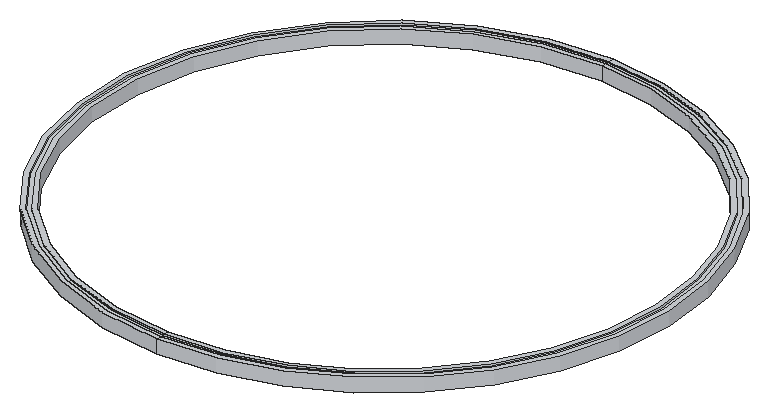
Revit family "675-2020110xxxxx", category Leuchten, Revit 2020
Family settings
  Bemaßung runder Anschluss = Durchmesser verwenden
  Teiletyp = Normal
  Arbeitsebenenbasiert = Nein
  Immer vertikal = Ja
  Beim Laden mit Abzugskörper schneiden = Ja
  Lichtquelle = Ja
  Gemeinsam genutzt = Nein
  Raumberechnungspunkt = Ja
Parameters (values of type "Norm")
  built-in parameter 1150104 = 13.8 (stored number, unit not read)
  Wattage = 9.2903 W
  Default Elevation = 0 mm
  Von Kreisdurchmesser aussenden = 1475 mm
  built-in parameter 1150113 = 1 (stored number, unit not read)
  built-in parameter 1114218 = 1 (stored number, unit not read)
  built-in parameter 1150134 = (empty or 0)
  built-in parameter 1150109 = 1 (stored number, unit not read)
  built-in parameter 1150110 = 1 (stored number, unit not read)
  Tilt Angle = 90.00°
  built-in parameter 1114217 = 1 (stored number, unit not read)
  built-in parameter 1150139 = (empty or 0)
  built-in parameter 1150105 = 109.82 (stored number, unit not read)
  built-in parameter 1150114 = 1 (stored number, unit not read)
  Lumens = 1380 lm
  built-in parameter 1150115 = 1 (stored number, unit not read)
  built-in parameter 1150112 = 1 (stored number, unit not read)
  Dimming Lamp Color Temperature Shift = (empty or 0)
  Color Filter = 16777215
  built-in parameter 1150133 = 10 (stored number, unit not read)
  Emit Shape Visible in Rendering = no
  built-in parameter 1150137 = (empty or 0)
  built-in parameter 1150132 = (empty or 0)
  Datei für fotometrisches Netz = "675-20201102905d_RIDE RING PD 76W 3000K weiss-916356.ies"
  built-in parameter 1150106 = 1.0982 (stored number, unit not read)
  built-in parameter 1150107 = 3000 (stored number, unit not read)
  built-in parameter 1150102 = (empty or 0)
  built-in parameter 1150138 = (empty or 0)
Reference planes
  plane 1 "Mitte (Vorne/Hinten)": y = 0
  plane 2: z = 0
  plane 3 "Mitte (Links/Rechts)": x = 0
Forms (mm)
  Revolve 1, solid
    sketch origin (0, 0, 0) x (0, 1, 0) y (0, 0, 1)
      loop
        line (-725.012, -13.781) -> (-723.812, -13.781) -> (-723.812, -2.601) -> (-691.2, -2.601) -> (-691.2, -13.798) -> (-690, -13.798) -> (-690, 20.899) -> (-701.7, 20.899) -> (-701.7, 17.8) -> (-713.312, 17.8) -> (-713.312, 20.899) -> (-725.012, 20.899) -> (-725.012, -13.781)
      axis (0, -13.798) -> (0, 20.899)
    angle from 0 to 360
Dimensions and locks
  aligned and locked: level to plane 2
